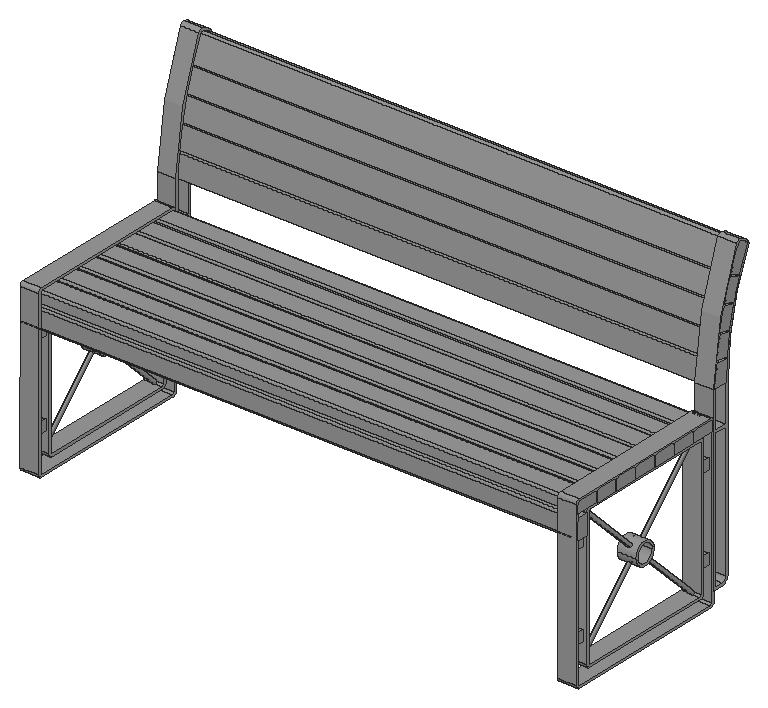
Revit family "Скамейка стальная «София» без подлокотников Арт 12130", category Антураж, Revit 2018
Family settings
  На основе рабочей плоскости = Нет
  Всегда вертикально = Да
  При загрузке вырезать с полостями = Нет
  Источник визуального образа = Геометрия семейства
  Общий = Нет
  Точка расчета площади = Нет
Parameters (values of type "Версия 1,5 м")
  Ширина = if([Двухсторонняя (1,5 м)], 894 mm, 579 mm)  # 579 mm
  Цвет опоры = Сталь
  Цвет лавки = Дерево
  Средняя опора = or([Версия 2,0 м (3 опоры)], [Версия 3,0 м (3 опоры)])  # no
  Описание = if([Версия 1,5 м], "Скамейка стальная «София» без подлокотников. Версия 1,5 м", if([Версия 1,8 м], "Скамейка стальная «София» без подлокотников. Версия 1,8 м", if([Версия 2,0 м (3 опоры)], "Скамейка стальная «София» без подлокотников. Версия 2,0 м (3 опоры)", if([Версия 3,0 м (3 опоры)], "Скамейка стальная «София» без подлокотников. Версия 3,0 м (3 опоры)", "Скамейка стальная «София» без подлокотников. Двухстороння (1,5 м)"))))  # "Скамейка стальная «София» без подлокотников. Версия 1,5 м"
  Односторонняя = or([Версия 1,5 м], [Версия 1,8 м], [Версия 2,0 м (3 опоры)], [Версия 3,0 м (3 опоры)])  # yes
  Материал изделия = "Сталь, дерево"  # constant formula
  Изображение типоразмера = Скамейка стальная «София» без подлокотников Арт 12130.jpg
  Изготовитель = "ООО «Хоббика»"  # constant formula
  Длина = if(or([Версия 1,5 м], [Двухсторонняя (1,5 м)]), 1500 mm, if([Версия 1,8 м], 1800 mm, if([Версия 2,0 м (3 опоры)], 2000 mm, 3000 mm)))  # 1500 mm
  Двухсторонняя (1,5 м) = not(or([Версия 1,5 м], [Версия 1,8 м], [Версия 2,0 м (3 опоры)], [Версия 3,0 м (3 опоры)]))  # no
  Группа модели = "Садовые скамейки"  # constant formula
  Высота = 849 mm  # constant formula
  Версия 3,0 м (3 опоры) = no
  Версия 2,0 м (3 опоры) = no
  Версия 1,8 м = no
  Версия 1,5 м = yes
  Артикул товара = "Арт. 12130"  # constant formula
  URL = "https://hobbyka.ru/product/skameyka_stalnaya_sofiya/"
Types (6, lengths in mm): name | Ширина | Средняя опора | Описание | Односторонняя | Изображение типоразмера | Длина | Двухсторонняя (1,5 м) | Версия 3,0 м (3 опоры) | Версия 2,0 м (3 опоры) | Версия 1,8 м | Версия 1,5 м
  (no name) | 579 | no | "Скамейка стальная «София» без подлокотников. Версия 1,5 м" | yes | Скамейка стальная «София» без подлокотников Арт 12130.jpg | 1500 | no | no | no | no | yes
  Двухстороння (1,5 м) | 894 | no | "Скамейка стальная «София» без подлокотников. Двухстороння (1,5 м)" | no | Скамейка стальная «София» без подлокотников Арт 12130 Двухсторонняя.jpg | 1500 | yes | no | no | no | no
  Версия 1,5 м | 579 | no | "Скамейка стальная «София» без подлокотников. Версия 1,5 м" | yes | Скамейка стальная «София» без подлокотников Арт 12130.jpg | 1500 | no | no | no | no | yes
  Версия 1,8 м | 579 | no | "Скамейка стальная «София» без подлокотников. Версия 1,8 м" | yes | Скамейка стальная «София» без подлокотников Арт 12130.jpg | 1800 | no | no | no | yes | no
  Версия 2,0 м (3 опоры) | 579 | yes | "Скамейка стальная «София» без подлокотников. Версия 2,0 м (3 опоры)" | yes | Скамейка стальная «София» без подлокотников Арт 12130.jpg | 2000 | no | no | yes | no | no
  Версия 3,0 м (3 опоры) | 579 | yes | "Скамейка стальная «София» без подлокотников. Версия 3,0 м (3 опоры)" | yes | Скамейка стальная «София» без подлокотников Арт 12130.jpg | 3000 | no | yes | no | no | no
Reference planes
  plane 1 "По центру (Вперед/Назад)": y = 0
  plane 2: z = 0
  plane 3 "По центру (Влево/Вправо)": x = 0
  plane 4: x = 1500
  plane 5: z = 849
  plane 6: x = 50
  plane 7: x = 1450
  plane 8: y = 579
Forms (mm)
  Extrusion 1, solid, material "Дерево" <- "Цвет лавки", visible <- "Односторонняя"
    sketch origin (0, 0, 0) x (0, 1, 0) y (0, 0, 1)
      loop
        line (457, 422) -> (457, 447)
        arc (457, 447) -> (455.536, 450.536) -> (452, 452) r 5
        line (452, 452) -> (402, 452)
        arc (402, 452) -> (398.464, 450.536) -> (397, 447) r 5
        line (397, 447) -> (397, 422) -> (457, 422)
      loop
        line (391.7, 422) -> (391.7, 447)
        arc (391.7, 447) -> (390.236, 450.536) -> (386.7, 452) r 5
        line (386.7, 452) -> (336.7, 452)
        arc (336.7, 452) -> (333.164, 450.536) -> (331.7, 447) r 5
        line (331.7, 447) -> (331.7, 422) -> (391.7, 422)
      loop
        line (326.4, 422) -> (326.4, 447)
        arc (326.4, 447) -> (324.936, 450.536) -> (321.4, 452) r 5
        line (321.4, 452) -> (271.4, 452)
        arc (271.4, 452) -> (267.864, 450.536) -> (266.4, 447) r 5
        line (266.4, 447) -> (266.4, 422) -> (326.4, 422)
      loop
        line (261.1, 422) -> (261.1, 447)
        arc (261.1, 447) -> (259.636, 450.536) -> (256.1, 452) r 5
        line (256.1, 452) -> (206.1, 452)
        arc (206.1, 452) -> (202.564, 450.536) -> (201.1, 447) r 5
        line (201.1, 447) -> (201.1, 422) -> (261.1, 422)
      loop
        line (195.8, 422) -> (195.8, 447)
        arc (195.8, 447) -> (194.336, 450.536) -> (190.8, 452) r 5
        line (190.8, 452) -> (140.8, 452)
        arc (140.8, 452) -> (137.264, 450.536) -> (135.8, 447) r 5
        line (135.8, 447) -> (135.8, 422) -> (195.8, 422)
      loop
        line (130.5, 422) -> (130.5, 447)
        arc (130.5, 447) -> (129.036, 450.536) -> (125.5, 452) r 5
        line (125.5, 452) -> (75.5, 452)
        arc (75.5, 452) -> (71.964, 450.536) -> (70.5, 447) r 5
        line (70.5, 447) -> (70.5, 422) -> (130.5, 422)
      loop
        line (65.2, 422) -> (65.2, 447)
        arc (65.2, 447) -> (63.736, 450.536) -> (60.2, 452) r 5
        line (60.2, 452) -> (10.2, 452)
        arc (10.2, 452) -> (6.664, 450.536) -> (5.2, 447) r 5
        line (5.2, 447) -> (5.2, 422) -> (65.2, 422)
      loop
        line (35, 412) -> (10, 412)
        arc (10, 412) -> (6.464, 410.536) -> (5, 407) r 5
        line (5, 407) -> (5, 362)
        arc (5, 362) -> (6.464, 358.464) -> (10, 357) r 5
        line (10, 357) -> (35, 357) -> (35, 412)
      loop
        arc (572.004, 831.011) -> (563.261, 837.839) -> (552.837, 841.635) r 35.508
        arc (552.837, 841.635) -> (548.219, 841.255) -> (544.478, 838.519) r 8.544
        arc (544.478, 838.519) -> (530.888, 807.177) -> (518.542, 775.325) r 867.954
        line (518.542, 775.325) -> (547.654, 764.695)
        arc (547.654, 764.695) -> (560.098, 795.937) -> (574.033, 826.542) r 697.766
        arc (574.033, 826.542) -> (573.384, 828.943) -> (572.004, 831.011) r 7.691
      loop
        arc (504.162, 519.596) -> (504.649, 548.386) -> (506.324, 577.132) r 697.766
        line (506.324, 577.132) -> (472.099, 581.247)
        arc (472.099, 581.247) -> (469.033, 551.406) -> (467, 521.476) r 867.954
        line (467, 521.476) -> (504.162, 519.596)
      loop
        line (472.71, 586.21) -> (506.719, 581.921)
        arc (506.719, 581.921) -> (509.784, 610.622) -> (514.033, 639.172) r 697.766
        line (514.033, 639.172) -> (482.267, 645.432)
        arc (482.267, 645.432) -> (476.977, 615.903) -> (472.71, 586.21) r 867.954
      loop
        line (483.248, 650.334) -> (514.857, 643.916)
        arc (514.857, 643.916) -> (520.489, 672.271) -> (527.29, 700.368) r 697.766
        line (527.29, 700.368) -> (497.209, 708.675)
        arc (497.209, 708.675) -> (489.724, 679.625) -> (483.248, 650.334) r 867.954
      loop
        line (498.554, 713.491) -> (528.537, 705.024)
        arc (528.537, 705.024) -> (536.694, 732.778) -> (545.994, 760.169) r 697.766
        line (545.994, 760.169) -> (516.841, 770.624)
        arc (516.841, 770.624) -> (507.204, 742.215) -> (498.554, 713.491) r 867.954
    from 0 to 1500
  Extrusion 2, solid, material "Дерево" <- "Цвет лавки", visible <- "Двухсторонняя (1,5 м)"
    sketch origin (0, 0, 0) x (0, 1, 0) y (0, 0, 1)
      loop
        line (70.2, 422) -> (70.2, 447)
        arc (70.2, 447) -> (68.736, 450.536) -> (65.2, 452) r 5
        line (65.2, 452) -> (10.2, 452)
        arc (10.2, 452) -> (6.664, 450.536) -> (5.2, 447) r 5
        line (5.2, 447) -> (5.2, 422) -> (70.2, 422)
      loop
        line (35, 412) -> (10, 412)
        arc (10, 412) -> (6.464, 410.536) -> (5, 407) r 5
        line (5, 407) -> (5, 362)
        arc (5, 362) -> (6.464, 358.464) -> (10, 357) r 5
        line (10, 357) -> (35, 357) -> (35, 412)
      loop
        line (139.6, 422) -> (139.6, 447)
        arc (139.6, 447) -> (138.136, 450.536) -> (134.6, 452) r 5
        line (134.6, 452) -> (79.6, 452)
        arc (79.6, 452) -> (76.064, 450.536) -> (74.6, 447) r 5
        line (74.6, 447) -> (74.6, 422) -> (139.6, 422)
      loop
        line (209, 422) -> (209, 447)
        arc (209, 447) -> (207.536, 450.536) -> (204, 452) r 5
        line (204, 452) -> (149, 452)
        arc (149, 452) -> (145.464, 450.536) -> (144, 447) r 5
        line (144, 447) -> (144, 422) -> (209, 422)
      loop
        line (278.4, 422) -> (278.4, 447)
        arc (278.4, 447) -> (276.936, 450.536) -> (273.4, 452) r 5
        line (273.4, 452) -> (218.4, 452)
        arc (218.4, 452) -> (214.864, 450.536) -> (213.4, 447) r 5
        line (213.4, 447) -> (213.4, 422) -> (278.4, 422)
      loop
        line (347.8, 422) -> (347.8, 447)
        arc (347.8, 447) -> (346.336, 450.536) -> (342.8, 452) r 5
        line (342.8, 452) -> (287.8, 452)
        arc (287.8, 452) -> (284.264, 450.536) -> (282.8, 447) r 5
        line (282.8, 447) -> (282.8, 422) -> (347.8, 422)
      loop
        line (417.2, 422) -> (417.2, 447)
        arc (417.2, 447) -> (415.736, 450.536) -> (412.2, 452) r 5
        line (412.2, 452) -> (357.2, 452)
        arc (357.2, 452) -> (353.664, 450.536) -> (352.2, 447) r 5
        line (352.2, 447) -> (352.2, 422) -> (417.2, 422)
      loop
        line (823.8, 422) -> (888.8, 422) -> (888.8, 447)
        arc (888.8, 447) -> (887.336, 450.536) -> (883.8, 452) r 5
        line (883.8, 452) -> (828.8, 452)
        arc (828.8, 452) -> (825.264, 450.536) -> (823.8, 447) r 5
        line (823.8, 447) -> (823.8, 422)
      loop
        line (859, 412) -> (859, 357) -> (884, 357)
        arc (884, 357) -> (887.536, 358.464) -> (889, 362) r 5
        line (889, 362) -> (889, 407)
        arc (889, 407) -> (887.536, 410.536) -> (884, 412) r 5
        line (884, 412) -> (859, 412)
      loop
        line (754.4, 422) -> (819.4, 422) -> (819.4, 447)
        arc (819.4, 447) -> (817.936, 450.536) -> (814.4, 452) r 5
        line (814.4, 452) -> (759.4, 452)
        arc (759.4, 452) -> (755.864, 450.536) -> (754.4, 447) r 5
        line (754.4, 447) -> (754.4, 422)
      loop
        line (685, 422) -> (750, 422) -> (750, 447)
        arc (750, 447) -> (748.536, 450.536) -> (745, 452) r 5
        line (745, 452) -> (690, 452)
        arc (690, 452) -> (686.464, 450.536) -> (685, 447) r 5
        line (685, 447) -> (685, 422)
      loop
        line (615.6, 422) -> (680.6, 422) -> (680.6, 447)
        arc (680.6, 447) -> (679.136, 450.536) -> (675.6, 452) r 5
        line (675.6, 452) -> (620.6, 452)
        arc (620.6, 452) -> (617.064, 450.536) -> (615.6, 447) r 5
        line (615.6, 447) -> (615.6, 422)
      loop
        line (546.2, 422) -> (611.2, 422) -> (611.2, 447)
        arc (611.2, 447) -> (609.736, 450.536) -> (606.2, 452) r 5
        line (606.2, 452) -> (551.2, 452)
        arc (551.2, 452) -> (547.664, 450.536) -> (546.2, 447) r 5
        line (546.2, 447) -> (546.2, 422)
      loop
        line (476.8, 422) -> (541.8, 422) -> (541.8, 447)
        arc (541.8, 447) -> (540.336, 450.536) -> (536.8, 452) r 5
        line (536.8, 452) -> (481.8, 452)
        arc (481.8, 452) -> (478.264, 450.536) -> (476.8, 447) r 5
        line (476.8, 447) -> (476.8, 422)
    from 0 to 1500
  Extrusion 3, solid, material "Дерево" <- "Цвет лавки", visible <- "Двухсторонняя (1,5 м)"
    sketch origin (0, 0, 0) x (0, 1, 0) y (0, 0, 1)
      loop
        arc (463.118, 799) -> (461.654, 802.536) -> (458.118, 804) r 5
        line (458.118, 804) -> (438.118, 804)
        arc (438.118, 804) -> (434.583, 802.536) -> (433.118, 799) r 5
        line (433.118, 799) -> (433.118, 757)
        arc (433.118, 757) -> (434.583, 753.464) -> (438.118, 752) r 5
        line (438.118, 752) -> (458.118, 752)
        arc (458.118, 752) -> (461.654, 753.464) -> (463.118, 757) r 5
        line (463.118, 757) -> (463.118, 799)
      loop
        arc (463.118, 741) -> (461.654, 744.536) -> (458.118, 746) r 5
        line (458.118, 746) -> (438.118, 746)
        arc (438.118, 746) -> (434.583, 744.536) -> (433.118, 741) r 5
        line (433.118, 741) -> (433.118, 699)
        arc (433.118, 699) -> (434.583, 695.464) -> (438.118, 694) r 5
        line (438.118, 694) -> (458.118, 694)
        arc (458.118, 694) -> (461.654, 695.464) -> (463.118, 699) r 5
        line (463.118, 699) -> (463.118, 741)
      loop
        arc (463.118, 683) -> (461.654, 686.536) -> (458.118, 688) r 5
        line (458.118, 688) -> (438.118, 688)
        arc (438.118, 688) -> (434.583, 686.536) -> (433.118, 683) r 5
        line (433.118, 683) -> (433.118, 641)
        arc (433.118, 641) -> (434.583, 637.464) -> (438.118, 636) r 5
        line (438.118, 636) -> (458.118, 636)
        arc (458.118, 636) -> (461.654, 637.464) -> (463.118, 641) r 5
        line (463.118, 641) -> (463.118, 683)
      loop
        arc (463.118, 625) -> (461.654, 628.536) -> (458.118, 630) r 5
        line (458.118, 630) -> (438.118, 630)
        arc (438.118, 630) -> (434.583, 628.536) -> (433.118, 625) r 5
        line (433.118, 625) -> (433.118, 583)
        arc (433.118, 583) -> (434.583, 579.464) -> (438.118, 578) r 5
        line (438.118, 578) -> (458.118, 578)
        arc (458.118, 578) -> (461.654, 579.464) -> (463.118, 583) r 5
        line (463.118, 583) -> (463.118, 625)
      loop
        arc (463.118, 567) -> (461.654, 570.536) -> (458.118, 572) r 5
        line (458.118, 572) -> (438.118, 572)
        arc (438.118, 572) -> (434.583, 570.536) -> (433.118, 567) r 5
        line (433.118, 567) -> (433.118, 525)
        arc (433.118, 525) -> (434.583, 521.464) -> (438.118, 520) r 5
        line (438.118, 520) -> (458.118, 520)
        arc (458.118, 520) -> (461.654, 521.464) -> (463.118, 525) r 5
        line (463.118, 525) -> (463.118, 567)
    from 50 to 1450
Dimensions and locks
  equal spacing: plane 3 "По центру (Влево/Вправо)", nested 2, plane 4
  "Длина": plane 3 "По центру (Влево/Вправо)" to plane 4
  "Высота": plane 5 to plane 2
  locked: plane 7 to plane 4 at 50
  locked: plane 3 "По центру (Влево/Вправо)" to plane 6 at 50
  "Ширина": plane 8 to plane 1 "По центру (Вперед/Назад)"
  aligned and locked: level to plane 2
  aligned and locked: nested 1 to plane 3 "По центру (Влево/Вправо)"
  aligned and locked: plane 4 to nested 3
  aligned and locked: plane 4 to Extrusion 1
  aligned and locked: nested 4 to plane 3 "По центру (Влево/Вправо)"
  aligned and locked: plane 4 to nested 5
  aligned and locked: plane 4 to Extrusion 2
  aligned and locked: Extrusion 3 to plane 6
  aligned and locked: plane 7 to Extrusion 3
Automatic sketch dimensions
  Extrusion 1 sketch curve to Extrusion 1 sketch curve = 0 mm  (x62)
  Extrusion 1 sketch curve to plane 1 "По центру (Вперед/Назад)" = 5 mm
  Extrusion 1 sketch curve to plane 1 "По центру (Вперед/Назад)" = 5.2 mm
  Extrusion 1 sketch curve to Extrusion 1 sketch curve = 5 mm  (x22)
  Extrusion 1 sketch curve to Extrusion 1 sketch curve = 25 mm  (x4)
  Extrusion 1 sketch curve to Extrusion 1 sketch curve = 25.2 mm
  Extrusion 1 sketch curve to Extrusion 1 sketch curve = 5.3 mm  (x6)
  Extrusion 1 sketch curve to Extrusion 1 sketch curve = 50 mm  (x6)
  Extrusion 1 sketch curve to Extrusion 1 sketch curve = 15 mm
  Extrusion 1 sketch curve to Extrusion 1 sketch curve = 5.099 mm
  Extrusion 1 sketch curve to Extrusion 1 sketch curve = 0.611 mm
  Extrusion 1 sketch curve to Extrusion 1 sketch curve = 9.557 mm
  Extrusion 1 sketch curve to Extrusion 1 sketch curve = 0.981 mm
  Extrusion 1 sketch curve to Extrusion 1 sketch curve = 13.961 mm
  Extrusion 1 sketch curve to Extrusion 1 sketch curve = 1.345 mm
  Extrusion 1 sketch curve to Extrusion 1 sketch curve = 37.162 mm
  Extrusion 1 sketch curve to Extrusion 1 sketch curve = 34.224 mm
  Extrusion 1 sketch curve to Extrusion 1 sketch curve = 0.395 mm
  Extrusion 1 sketch curve to Extrusion 1 sketch curve = 31.766 mm
  Extrusion 1 sketch curve to Extrusion 1 sketch curve = 0.824 mm
  Extrusion 1 sketch curve to Extrusion 1 sketch curve = 18.287 mm
  Extrusion 1 sketch curve to Extrusion 1 sketch curve = 1.701 mm
  Extrusion 1 sketch curve to Extrusion 1 sketch curve = 30.081 mm
  Extrusion 1 sketch curve to Extrusion 1 sketch curve = 1.247 mm
  Extrusion 1 sketch curve to Extrusion 1 sketch curve = 29.153 mm
  Extrusion 1 sketch curve to Extrusion 1 sketch curve = 1.66 mm
  Extrusion 1 sketch curve to plane 5 = 15.751 mm
  Extrusion 1 sketch curve to Extrusion 1 sketch curve = 5.157 mm
  Extrusion 1 sketch curve to Extrusion 1 sketch curve = 131.922 mm
  Extrusion 1 sketch curve to Extrusion 1 sketch curve = 7.486 mm
  Extrusion 1 sketch curve to Extrusion 1 sketch curve = 26.466 mm
  Extrusion 1 sketch curve to Extrusion 1 sketch curve = 31.457 mm
  Extrusion 1 sketch curve to Extrusion 1 sketch curve = 4.702 mm
  Extrusion 1 sketch curve to Extrusion 1 sketch curve = 10.63 mm
  Extrusion 1 sketch curve to Extrusion 1 sketch curve = 4.527 mm
  Extrusion 1 sketch curve to Extrusion 1 sketch curve = 57.133 mm
  Extrusion 1 sketch curve to Extrusion 1 sketch curve = 4.816 mm
  Extrusion 1 sketch curve to Extrusion 1 sketch curve = 8.467 mm
  Extrusion 1 sketch curve to Extrusion 1 sketch curve = 4.657 mm
  Extrusion 1 sketch curve to Extrusion 1 sketch curve = 4.903 mm
  Extrusion 1 sketch curve to Extrusion 1 sketch curve = 4.744 mm
  Extrusion 1 sketch curve to Extrusion 1 sketch curve = 4.962 mm
  Extrusion 1 sketch curve to Extrusion 1 sketch curve = 4.79 mm
  Extrusion 1 sketch curve to Extrusion 1 sketch curve = 69.476 mm
  Extrusion 1 sketch curve to Extrusion 1 sketch curve = 10 mm
  Extrusion 1 sketch curve to Extrusion 1 sketch curve = 45 mm
  Extrusion 1 sketch curve to Extrusion 1 sketch curve = 6.725 mm
  Extrusion 2 sketch curve to plane 1 "По центру (Вперед/Назад)" = 5 mm
  Extrusion 2 sketch curve to plane 1 "По центру (Вперед/Назад)" = 5.2 mm
  Extrusion 2 sketch curve to Extrusion 2 sketch curve = 5 mm  (x37)
  Extrusion 2 sketch curve to Extrusion 2 sketch curve = 25 mm  (x12)
  Extrusion 2 sketch curve to Extrusion 2 sketch curve = 30.2 mm
  Extrusion 2 sketch curve to Extrusion 2 sketch curve = 4.4 mm  (x10)
  Extrusion 2 sketch curve to Extrusion 2 sketch curve = 55 mm  (x10)
  Extrusion 2 sketch curve to Extrusion 2 sketch curve = 59.6 mm
  Extrusion 2 sketch curve to Extrusion 2 sketch curve = 35.2 mm
  Extrusion 2 sketch curve to Extrusion 2 sketch curve = 24.8 mm
  Extrusion 2 sketch curve to plane 5 = 397 mm
  Extrusion 2 sketch curve to Extrusion 2 sketch curve = 0 mm  (x3)
  Extrusion 2 sketch curve to Extrusion 2 sketch curve = 10 mm  (x2)
  Extrusion 2 sketch curve to Extrusion 2 sketch curve = 45 mm  (x2)
  Extrusion 3 sketch curve to plane 5 = 92 mm
  Extrusion 3 sketch curve to Extrusion 3 sketch curve = 0 mm  (x10)
  Extrusion 3 sketch curve to Extrusion 3 sketch curve = 5 mm  (x13)
  Extrusion 3 sketch curve to Extrusion 3 sketch curve = 20 mm  (x6)
  Extrusion 3 sketch curve to Extrusion 3 sketch curve = 6 mm  (x4)
  Extrusion 3 sketch curve to Extrusion 3 sketch curve = 42 mm  (x5)
  level to Extrusion 2 sketch curve = 357 mm
  Extrusion 1 sketch curve to Extrusion 1 sketch curve = 27.504 mm
  Extrusion 1 sketch curve to Extrusion 1 sketch curve = 15.178 mm
  level to Extrusion 1 sketch curve = 522.189 mm
  Extrusion 3 sketch curve to plane 1 "По центру (Вперед/Назад)" = 433.118 mm
Nested families
  nested 1: "Скамейка стальная «София» без подлокотников Арт 12130 опора" at (25, 0, 0), visible <- "Односторонняя", type "Скамейка стальная «София» без подлокотников Арт 12130 опора"
  nested 2: "Скамейка стальная «София» без подлокотников Арт 12130 опора" at (750, 0, 0), visible <- "Средняя опора", type "Скамейка стальная «София» без подлокотников Арт 12130 опора"
  nested 3: "Скамейка стальная «София» без подлокотников Арт 12130 опора" at (1475, 0, 0), visible <- "Односторонняя", type "Скамейка стальная «София» без подлокотников Арт 12130 опора"
  nested 4: "Скамейка стальная «София» без подлокотников Арт 12130 двойная опора" at (25, 0, 0), visible <- "Двухсторонняя (1,5 м)", type "Скамейка стальная «София» без подлокотников Арт 12130 двойная опора"
  nested 5: "Скамейка стальная «София» без подлокотников Арт 12130 двойная опора" at (1475, 0, 0), visible <- "Двухсторонняя (1,5 м)", type "Скамейка стальная «София» без подлокотников Арт 12130 двойная опора"
Definition of nested family "Скамейка стальная «София» без подлокотников Арт 12130 опора"
  Parameters (values of type "Скамейка стальная «София» без подлокотников Арт 12130 опора")
    Цвет опоры = none
    Height = 0 mm
  Reference planes
    plane 1 "По центру (Вперед/Назад)": y = 0
    plane 2: z = 0
    plane 3 "По центру (Влево/Вправо)": x = 0
  Forms (mm)
    Extrusion 1, solid, material <- "Цвет опоры"
      sketch origin (0, 0, 0) x (0, 1, 0) y (0, 0, 1)
        loop
          arc (553.794, 846.543) -> (546.165, 845.821) -> (540.149, 841.075) r 13.544
          arc (540.149, 841.075) -> (485.893, 685.052) -> (462, 521.602) r 872.954
          line (462, 521.602) -> (462, 36.602) -> (491.479, 36.602)
          arc (491.479, 36.602) -> (503.979, 41.78) -> (509.157, 54.28) r 17.678
          line (509.157, 54.28) -> (509.157, 522.189)
          arc (509.157, 522.189) -> (526.861, 677.804) -> (579.069, 825.466) r 692.766
          arc (579.069, 825.466) -> (578.242, 830.279) -> (575.659, 834.423) r 12.691
          arc (575.659, 834.423) -> (565.685, 842.212) -> (553.794, 846.543) r 40.508
        loop
          arc (504.157, 522.189) -> (521.85, 678.325) -> (574.033, 826.542) r 697.766
          arc (574.033, 826.542) -> (573.384, 828.943) -> (572.004, 831.011) r 7.691
          arc (572.004, 831.011) -> (563.261, 837.839) -> (552.837, 841.635) r 35.508
          arc (552.837, 841.635) -> (548.219, 841.255) -> (544.478, 838.519) r 8.544
          arc (544.478, 838.519) -> (490.703, 683.672) -> (467, 521.476) r 867.954
          line (467, 521.476) -> (467, 420.144) -> (504.157, 420.144) -> (504.157, 522.189)
        loop
          line (504.157, 54.28) -> (504.157, 415.144) -> (467, 415.144) -> (467, 41.602) -> (491.479, 41.602)
          arc (491.479, 41.602) -> (500.444, 45.316) -> (504.157, 54.28) r 12.678
      from -25 to 25
    Extrusion 2, solid, material <- "Цвет опоры"
      sketch origin (0, 0, 0) x (0, 1, 0) y (0, 0, 1)
        loop
          line (452, 457) -> (10, 457)
          arc (10, 457) -> (2.929, 454.071) -> (0, 447) r 10
          line (0, 447) -> (0, 10)
          arc (0, 10) -> (2.929, 2.929) -> (10, 0) r 10
          line (10, 0) -> (452, 0)
          arc (452, 0) -> (459.071, 2.929) -> (462, 10) r 10
          line (462, 10) -> (462, 447)
          arc (462, 447) -> (459.071, 454.071) -> (452, 457) r 10
        loop
          line (10, 5) -> (452, 5)
          arc (452, 5) -> (455.536, 6.464) -> (457, 10) r 5
          line (457, 10) -> (457, 447)
          arc (457, 447) -> (455.536, 450.536) -> (452, 452) r 5
          line (452, 452) -> (10, 452)
          arc (10, 452) -> (6.464, 450.536) -> (5, 447) r 5
          line (5, 447) -> (5, 10)
          arc (5, 10) -> (6.464, 6.464) -> (10, 5) r 5
        loop
          line (45, 35) -> (417, 35)
          arc (417, 35) -> (424.071, 37.929) -> (427, 45) r 10
          line (427, 45) -> (427, 412)
          arc (427, 412) -> (424.071, 419.071) -> (417, 422) r 10
          line (417, 422) -> (45, 422)
          arc (45, 422) -> (37.929, 419.071) -> (35, 412) r 10
          line (35, 412) -> (35, 45)
          arc (35, 45) -> (37.929, 37.929) -> (45, 35) r 10
        loop
          line (45, 40) -> (417, 40)
          arc (417, 40) -> (420.536, 41.464) -> (422, 45) r 5
          line (422, 45) -> (422, 412)
          arc (422, 412) -> (420.536, 415.536) -> (417, 417) r 5
          line (417, 417) -> (45, 417)
          arc (45, 417) -> (41.464, 415.536) -> (40, 412) r 5
          line (40, 412) -> (40, 45)
          arc (40, 45) -> (41.464, 41.464) -> (45, 40) r 5
        loop
          circle (231, 228.5) r 30
        loop
          circle (231, 228.5) r 25
      from -25 to 25
    Extrusion 3, solid, material <- "Цвет опоры"
      sketch origin (0, 0, 0) x (0, 1, 0) y (0, 0, 1)
        loop
          line (457, 357) -> (427, 357) -> (427, 327) -> (457, 327) -> (457, 357)
        loop
          line (457, 127) -> (427, 127) -> (427, 97) -> (457, 97) -> (457, 127)
        loop
          line (5, 357) -> (5, 327) -> (35, 327) -> (35, 357) -> (5, 357)
        loop
          line (5, 127) -> (5, 97) -> (35, 97) -> (35, 127) -> (5, 127)
      from -15 to 15
    Sweep 4, solid, material <- "Цвет опоры"
      path origin (0, 0, 0) x (0, 1, 0) y (0, 0, 1)
        loop
          line (420.536, 415.536) -> (41.464, 41.464)
      profile origin (0, 231, 228.5) x (0, 0.702397, -0.711785) y (1, 0, 0)
        loop
          circle (0, 0) r 5
    Sweep 5, solid, material <- "Цвет опоры"
      path origin (0, 462, 0) x (0, -1, 0) y (0, 0, 1)
        loop
          line (420.536, 415.536) -> (41.464, 41.464)
      profile origin (0, 231, 228.5) x (0, 0.702397, 0.711785) y (1, 0, 0)
        loop
          circle (0, 0) r 5
    Extrusion 6, void
      sketch origin (0, 0, 0) x (0, 1, 0) y (0, 0, 1)
        loop
          circle (231, 228.5) r 27
      from -25 to 25
  Cuts and joins
    Extrusion 6 cuts Sweep 4
    Extrusion 6 cuts Sweep 5
  Dimensions and locks
    aligned and locked: level to plane 2
Definition of nested family "Скамейка стальная «София» без подлокотников Арт 12130 двойная опора"
  Parameters (values of type "Скамейка стальная «София» без подлокотников Арт 12130 двойная опора")
    Цвет опоры = none
    Height = 0 mm
  Reference planes
    plane 1 "По центру (Вперед/Назад)": y = 0
    plane 2: z = 0
    plane 3 "По центру (Влево/Вправо)": x = 0
  Forms (mm)
    Extrusion 1, solid, material <- "Цвет опоры"
      sketch origin (0, 0, 0) x (0, 1, 0) y (0, 0, 1)
        loop
          line (412, 457) -> (10, 457)
          arc (10, 457) -> (2.929, 454.071) -> (0, 447) r 10
          line (0, 447) -> (0, 10)
          arc (0, 10) -> (2.929, 2.929) -> (10, 0) r 10
          line (10, 0) -> (412, 0)
          arc (412, 0) -> (419.071, 2.929) -> (422, 10) r 10
          line (422, 10) -> (422, 447)
          arc (422, 447) -> (419.071, 454.071) -> (412, 457) r 10
        loop
          line (10, 5) -> (412, 5)
          arc (412, 5) -> (415.536, 6.464) -> (417, 10) r 5
          line (417, 10) -> (417, 35) -> (45, 35)
          arc (45, 35) -> (37.929, 37.929) -> (35, 45) r 10
          line (35, 45) -> (35, 412)
          arc (35, 412) -> (37.929, 419.071) -> (45, 422) r 10
          line (45, 422) -> (417, 422) -> (417, 447)
          arc (417, 447) -> (415.536, 450.536) -> (412, 452) r 5
          line (412, 452) -> (10, 452)
          arc (10, 452) -> (6.464, 450.536) -> (5, 447) r 5
          line (5, 447) -> (5, 10)
          arc (5, 10) -> (6.464, 6.464) -> (10, 5) r 5
        loop
          line (45, 40) -> (417, 40) -> (417, 417) -> (45, 417)
          arc (45, 417) -> (41.464, 415.536) -> (40, 412) r 5
          line (40, 412) -> (40, 45)
          arc (40, 45) -> (41.464, 41.464) -> (45, 40) r 5
        loop
          circle (231, 228.5) r 30
        loop
          circle (231, 228.5) r 25
        loop
          arc (482, 457) -> (474.929, 454.071) -> (472, 447) r 10
          line (472, 447) -> (472, 10)
          arc (472, 10) -> (474.929, 2.929) -> (482, 0) r 10
          line (482, 0) -> (884, 0)
          arc (884, 0) -> (891.071, 2.929) -> (894, 10) r 10
          line (894, 10) -> (894, 447)
          arc (894, 447) -> (891.071, 454.071) -> (884, 457) r 10
          line (884, 457) -> (482, 457)
        loop
          arc (884, 5) -> (887.536, 6.464) -> (889, 10) r 5
          line (889, 10) -> (889, 447)
          arc (889, 447) -> (887.536, 450.536) -> (884, 452) r 5
          line (884, 452) -> (482, 452)
          arc (482, 452) -> (478.464, 450.536) -> (477, 447) r 5
          line (477, 447) -> (477, 422) -> (849, 422)
          arc (849, 422) -> (856.071, 419.071) -> (859, 412) r 10
          line (859, 412) -> (859, 45)
          arc (859, 45) -> (856.071, 37.929) -> (849, 35) r 10
          line (849, 35) -> (477, 35) -> (477, 10)
          arc (477, 10) -> (478.464, 6.464) -> (482, 5) r 5
          line (482, 5) -> (884, 5)
        loop
          arc (849, 40) -> (852.536, 41.464) -> (854, 45) r 5
          line (854, 45) -> (854, 412)
          arc (854, 412) -> (852.536, 415.536) -> (849, 417) r 5
          line (849, 417) -> (477, 417) -> (477, 40) -> (849, 40)
        loop
          circle (663, 228.5) r 30
        loop
          circle (663, 228.5) r 25
      from -25 to 25
    Extrusion 2, solid, material <- "Цвет опоры"
      sketch origin (0, 0, 0) x (0, 1, 0) y (0, 0, 1)
        loop
          line (889, 357) -> (859, 357) -> (859, 327) -> (889, 327) -> (889, 357)
        loop
          line (889, 127) -> (859, 127) -> (859, 97) -> (889, 97) -> (889, 127)
        loop
          line (5, 357) -> (5, 327) -> (35, 327) -> (35, 357) -> (5, 357)
        loop
          line (5, 127) -> (5, 97) -> (35, 97) -> (35, 127) -> (5, 127)
      from -15 to 15
    Sweep 3, solid, material <- "Цвет опоры"
      path origin (0, 0, 0) x (0, 1, 0) y (0, 0, 1)
        loop
          line (420.536, 415.536) -> (41.464, 41.464)
      profile origin (0, 231, 228.5) x (0, 0.702397, -0.711785) y (1, 0, 0)
        loop
          circle (0, 0) r 5
    Sweep 4, solid, material <- "Цвет опоры"
      path origin (0, 462, 0) x (0, -1, 0) y (0, 0, 1)
        loop
          line (420.536, 415.536) -> (41.464, 41.464)
      profile origin (0, 231, 228.5) x (0, 0.702397, 0.711785) y (1, 0, 0)
        loop
          circle (0, 0) r 5
    Extrusion 5, void
      sketch origin (0, 0, 0) x (0, 1, 0) y (0, 0, 1)
        loop
          circle (231, 228.5) r 27
      from -25 to 25
    Sweep 6, solid, material <- "Цвет опоры"
      path origin (0, 894, 0) x (0, -1, 0) y (0, 0, 1)
        loop
          line (420.536, 415.536) -> (41.464, 41.464)
      profile origin (0, 663, 228.5) x (0, 0.702397, 0.711785) y (1, 0, 0)
        loop
          circle (0, 0) r 5
    Sweep 7, solid, material <- "Цвет опоры"
      path origin (0, 432, 0) x (0, 1, 0) y (0, 0, 1)
        loop
          line (420.536, 415.536) -> (41.464, 41.464)
      profile origin (0, 663, 228.5) x (0, 0.702397, -0.711785) y (1, 0, 0)
        loop
          circle (0, 0) r 5
    Extrusion 8, void
      sketch origin (0, 894, 0) x (0, -1, 0) y (0, 0, -1)
        loop
          circle (231, -228.5) r 27
      from -25 to 25
    Extrusion 9, solid, material <- "Цвет опоры"
      sketch origin (0, 0, 0) x (1, 0, 0) y (0, 1, 0)
        loop
          circle (0, 447) r 25
      from 0 to 804
    Revolve 10, solid, material <- "Цвет опоры"
      sketch origin (0, 0, 0) x (0, 1, 0) y (0, 0, 1)
        loop
          arc (447, 849) -> (424.5, 826.5) -> (447, 804) r 22.5
          line (447, 804) -> (447, 849)
        axis (447, 849) -> (447, 804)
      angle from 0 to 360
  Cuts and joins
    Extrusion 5, Extrusion 8 cuts Sweep 3
    Extrusion 5, Extrusion 8 cuts Sweep 4
    Extrusion 8 cuts Sweep 6
    Extrusion 8 cuts Sweep 7
  Dimensions and locks
    aligned and locked: level to plane 2
